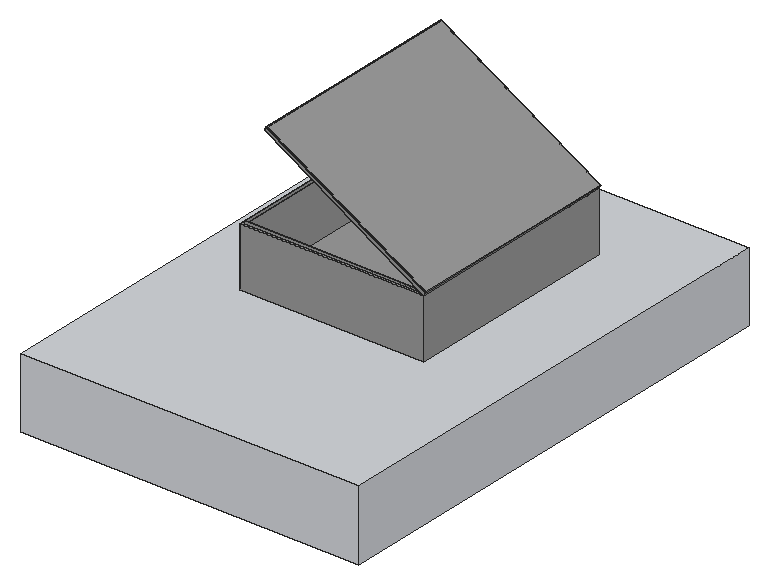
Revit family "Hager-Univers-IP55-D275-H950-Cl.II-Steel_encl-CH-de", category Equipement électrique, Revit 2020
Family settings
  Hôte = Face
  Configuration du panneau = Deux colonnes, circuits au sein
  Cote de connecteur circulaire = Utiliser le diamètre
  Type d'élément = Tableau de raccordement
  Couper avec des vides une fois chargée = Non
  Partagée = Non
  Point de calcul de pièce = Non
Parameters (values of type "Aufputz IP55 B800 H950 T275  - FR63S")
  Width Control [instance] = if([EF000008 - Breite] > Min Width, [EF000008 - Breite], Min Width)  # 800 mm
  Commentaires du type = [HG000003 - Bereich]  # "Univers"
  Thickness Door [instance] = if([EF009171 - Materialstärke Tür/Deckel] > 3 mm, 3 mm, [EF009171 - Materialstärke Tür/Deckel])  # 1.5 mm
  Seal Frame Offset [instance] = 17 mm  # constant formula
  Plinth Visibility [instance] = [HG000027 - Sockelhöhe] > 0 mm  # no
  Model = ""
  Min Width [instance] = 100 mm  # constant formula
  Min Height [instance] = 100 mm  # constant formula
  Min Depth [instance] = (2 * [EF009170 - Materialstärke Gehäuse]) + 1 mm  # 4 mm
  Internal Frame Depth [instance] = (Door System Depth * 0.5)  # 9 mm
  Height Control [instance] = if([EF000040 - Höhe] > Min Height, [EF000040 - Höhe], Min Height)  # 950 mm
  HG000027 - Sockelhöhe = 0 mm
  HG000026 - Stehend auf dem Boden = no
  HG000024 - Höhe des unteren Teils = 800 mm
  HG000023 - Gehäuse mit doppeltem Querschnitt = no
  HG000016 - 3D-Türsichtbarkeit [instance] = yes
  HG000015 - Sichtbarkeit der Türöffnung [instance] = no
  HG000014 - Tür rechts [instance] = yes
  HG000013 - Tür links [instance] = not([HG000014 - Tür rechts])  # no
  HG000012 - Türschwenkwinkel [instance] = 30.00°
  HG000010 - Asymmetrische Türen = no
  HG000009 - Doppelflügeligen Tür = no
  HG000006 - Unterputz = no
  HG000004 - Herstellerreferenz = "FR63S"
  HG000003 - Bereich = "Univers"
  HG000002 - Mit tür = yes
  Frame Offset Bottom [instance] = 10 mm  # constant formula
  Frame Offset [instance] = 15 mm  # constant formula
  EF015940 - Deckel mit Überdruckentlastung = no
  EF011959 - Schutzart (NEMA) = ""
  EF009554 - Anzahl der Öffnungen für Flanschplatten = 6
  Fabricant = "Hager"  # constant formula
  EF009212 - Ausführung Deckel = "EV000116 - geschlossen"
  EF009171 - Materialstärke Tür/Deckel = 1.5 mm
  EF009170 - Materialstärke Gehäuse = 1.5 mm
  EF008873 - Nennstrom (In) = 800 A
  EF007800 - Geeignet für Blitzschutz = no
  EF006306 - Mit Schloss = no
  EF006244 - Transparenter Deckel/Tür = no
  EF005474 - Schutzart (IP) = "EV006420 - IP55"
  EF004464 - Art der Tür = "EV002646 - Einzel"
  EF004427 - Anzahl der Module = 216
  EF004293 - Schlagfestigkeit = "EV008784 - IK10"
  EF003532 - Geeignet für Außengebrauch = no
  EF002950 - Breite in Teilungseinheiten = 24
  EF001613 - Funktionserhalt = "EV000494 - ohne"
  EF001596 - Werkstoff des Gehäuses = "EV000179 - Stahl"
  EF001131 - Innentiefe = 275 mm
  EF001088 - Anbaumöglichkeit = yes
  EF000437 - Anzahl der Leitungseinführungen = 6
  EF000339 - Art der Abdeckung = "EV004216 - Tür"
  EF000266 - Anzahl der Reihen = 6
  EF000218 - Einbautiefe = 0 mm
  EF000118 - Mit Montageplatte = no
  EF000116 - RAL-Nummer = "7035"
  EF000049 - Tiefe = 275 mm
  EF000040 - Höhe = 950 mm
  EF000008 - Breite = 800 mm
  EF000007 - Farbe = "EV000270 - grau"
  EF000003 - Montageart = "EV000384 - Aufputz"
  Door System Leaf Tolerance [instance] = 1.5 mm  # constant formula
  Door System Depth [instance] = 18 mm  # constant formula
  Door Height [instance] = Height Control - [HG000027 - Sockelhöhe]  # 950 mm
  Depth Control [instance] = if([EF000049 - Tiefe] > Min Depth, [EF000049 - Tiefe], Min Depth)  # 275 mm
  Default Elevation = 0 mm
  Connector Offset [instance] = Height Control / 2  # 475 mm
  Bottom Top Plate Trim [instance] = 1.5 mm  # constant formula
  Plinth height Ctrl [instance] = if([HG000027 - Sockelhöhe] > 0 mm, [HG000027 - Sockelhöhe], 12 mm)  # 12 mm
Types (5, lengths in mm): name | Width Control | HG000010 - Asymmetrische Türen | HG000009 - Doppelflügeligen Tür | HG000004 - Herstellerreferenz | EF009554 - Anzahl der Öffnungen für Flanschplatten | EF004464 - Art der Tür | EF004427 - Anzahl der Module | EF000437 - Anzahl der Leitungseinführungen | EF000008 - Breite
  Aufputz IP55 B1050 H950 T275  - FR64S | 1050 | no | yes | "FR64S" | 8 | "EV003602 - Doppel" | 288 | 8 | 1050
  Aufputz IP55 B1300 H950 T275  - FR65S | 1300 | yes | yes | "FR65S" | 10 | "EV003602 - Doppel" | 360 | 10 | 1300
  Aufputz IP55 B300 H950 T275  - FR61S | 300 | no | no | "FR61S" | 2 | "EV002646 - Einzel" | 72 | 2 | 300
  Aufputz IP55 B550 H950 T275  - FR62S | 550 | no | no | "FR62S" | 4 | "EV002646 - Einzel" | 144 | 4 | 550
  Aufputz IP55 B800 H950 T275  - FR63S | 800 | no | no | "FR63S" | 6 | "EV002646 - Einzel" | 216 | 6 | 800
Reference planes
  plane 1 "Center (Front/Back)": y = 0
  plane 2: z = 0
  plane 3 "Center (Left/Right)": x = 0
  plane 4: z = 275
  plane 5: y = 1.5
  plane 6: y = 475
  plane 7: y = 0
  plane 8: y = 950
  plane 9: z = 0
  plane 10: x = -385
  plane 11: x = 385
  plane 12: x = 383.5
  plane 13: x = -383.5
  plane 14: y = 948.5
  plane 15: x = -383
  plane 16: x = -400
  plane 17: x = 383
  plane 18: x = 400
  plane 19: x = 398.5
  plane 20: x = -398.5
  plane 21: y = 11.5
  plane 22: y = 950
  plane 23: y = 933.5
  plane 24: z = 257
  plane 25: z = 1.5
  plane 26: z = 255.5
  plane 27: z = 273.5
Forms (mm)
  Extrusion 1, solid
    sketch origin (0, 0, 0) x (1, 0, 0) y (0, 1, 0)
      loop
        line (-702.964, 1305) -> (-702.964, -811.445) -> (766.763, -811.445) -> (766.763, 1305) -> (-702.964, 1305)
    from 0 to -304.8
  Extrusion 2, solid, material "Hager_Steel_RAL7035_Light_Grey", visible <- "Plinth Visibility", detail levels medium+fine
    sketch origin (0, 0, 0) x (1, 0, 0) y (0, 1, 0)
      loop
        line (-400, 0) -> (400, 0) -> (400, 12) -> (-400, 12) -> (-400, 0)
    from 0 to 257
  Extrusion 3, solid, material "Hager_Steel_RAL7035_Light_Grey", detail levels medium+fine
    sketch origin (0, 0, 0) x (1, 0, 0) y (0, 1, 0)
      loop
        line (-400, 0) -> (400, 0) -> (400, 950) -> (-400, 950) -> (-400, 0)
    from 0 to 257
  Extrusion 4, void
    sketch origin (0, 0, 0) x (1, 0, 0) y (0, 1, 0)
      loop
        line (-398.5, 1.5) -> (398.5, 1.5) -> (398.5, 948.5) -> (-398.5, 948.5) -> (-398.5, 1.5)
    from 1.5 to 255.5
  Extrusion 5, void
    sketch origin (-381.607, -4572, 257) x (0, -1, 0) y (-1, 0, 0)
      loop
        line (-4583.5, 1.893) -> (-5505.5, 1.893) -> (-5505.5, -765.107) -> (-4583.5, -765.107) -> (-4583.5, 1.893)
    from 0 to 1.5 <- "EF009170 - Materialstärke Gehäuse"
  Extrusion 6, solid, material "Hager_Steel_RAL7035_Light_Grey", detail levels fine
    sketch origin (0, 0, 257) x (1, 0, 0) y (0, 1, 0)
      loop
        line (-383.5, 933.5) -> (-383.5, 11.5) -> (383.5, 11.5) -> (383.5, 933.5) -> (-383.5, 933.5)
      loop
        line (-385, 10) -> (385, 10) -> (385, 935) -> (-385, 935) -> (-385, 10)
    from 0 to 9 <- "Internal Frame Depth"
  Extrusion 7, solid, material "Hager_Steel_RAL7035_Light_Grey", detail levels coarse
    sketch origin (0, 0, 0) x (1, 0, 0) y (0, 1, 0)
      loop
        line (-400, 0) -> (400, 0) -> (400, 950) -> (-400, 950) -> (-400, 0)
    from 0 to 275
  Sweep 8, void
    path in 3D
      loop
        line (-400, 12, 0) -> (400, 12, 0) -> (400, 12, 257) -> (-400, 12, 257) -> (-400, 12, 0)
    profile origin (-400, 12, 128.5) x (-1, 0, 0) y (0, -1, 0)
      loop
        line (0, 0) -> (0, 1.5) -> (-1.5, 1.5)
        arc (-1.5, 1.5) -> (-1.061, 0.439) -> (0, 0) r 1.5
Cuts and joins
  Extrusion 4, Extrusion 5 cuts Extrusion 3
  Sweep 8 cuts Extrusion 2
Lines and regions (mm)
  Masking region 1
    outline origin (0, 0, 0) x (1, 0, 0) y (0, 0, 1)
      loop
        line (-400, 275) -> (-400, 0) -> (400, 0) -> (400, 275) -> (-400, 275)
  Masking region 2, detail levels medium+fine
    outline origin (0, 140, 0) x (0, 1, 0) y (0, 0, 1)
      loop
        line (-140, 0) -> (810, 0) -> (810, 257) -> (-140, 257) -> (-140, 0)
  Masking region 3, not visible, detail levels medium+fine
    outline origin (0, 297.922, 0) x (0, 1, 0) y (0, 0, 1)
      loop
        line (188.578, 0) -> (228.578, 0) -> (228.578, 263.5)
        arc (228.578, 263.5) -> (225.649, 270.571) -> (218.578, 273.5) r 10
        line (218.578, 273.5) -> (188.578, 273.5) -> (188.578, 0)
  Masking region 4, detail levels coarse
    outline origin (0, 0, 180) x (0, 1, 0) y (0, 0, 1)
      loop
        line (0, -180) -> (950, -180) -> (950, 95) -> (0, 95) -> (0, -180)
  Masking region 5, visible <- "Plinth Visibility", detail levels medium+fine
    outline origin (0, 52.24, 12.345) x (0, 0, -1) y (0, 1, 0)
      loop
        line (10.845, -40.24) -> (-243.155, -40.24)
        arc (-243.155, -40.24) -> (-243.594, -41.301) -> (-244.655, -41.74) r 1.5
        line (-244.655, -41.74) -> (-244.655, -52.24) -> (12.345, -52.24) -> (12.345, -41.74)
        arc (12.345, -41.74) -> (11.285, -41.301) -> (10.845, -40.24) r 1.5
  Masking region 6, detail levels medium+fine
    outline origin (-381.607, -4572, 257) x (-1, 0, 0) y (0, -1, 0)
      loop
        line (18.393, -5522) -> (18.393, -4572) -> (-781.607, -4572) -> (-781.607, -5522) -> (18.393, -5522)
  Masking region 7, visible <- "Plinth Visibility", detail levels medium+fine
    outline origin (-381.607, -4727, 257) x (-1, 0, 0) y (0, -1, 0)
      loop
        arc (16.893, -4739) -> (17.332, -4737.939) -> (18.393, -4737.5) r 1.5
        line (18.393, -4737.5) -> (18.393, -4727) -> (-781.607, -4727) -> (-781.607, -4737.5)
        arc (-781.607, -4737.5) -> (-780.546, -4737.939) -> (-780.107, -4739) r 1.5
        line (-780.107, -4739) -> (16.893, -4739)
  Masking region 8, detail levels coarse
    outline origin (-442.548, -4669.526, 257) x (-1, 0, 0) y (0, -1, 0)
      loop
        line (-42.548, -5619.526) -> (-42.548, -4669.526) -> (-842.548, -4669.526) -> (-842.548, -5619.526) -> (-42.548, -5619.526)
  sketch lines
    curve 1: line (-400, 12, 257) -> (-400, 12, 0)
    curve 2: line (400, 12, 257) -> (-400, 12, 257)
    curve 3: line (400, 12, 257) -> (400, 12, 0)
    curve 4: line (-400, 12, 0) -> (400, 12, 0)
Dimensions and locks
  "Depth Control": plane 4 to Extrusion 1
  "HG000027 - Sockelhöhe": plane 1 "Center (Front/Back)" to plane 7
  "EF009170 - Materialstärke Gehäuse": plane 5 to plane 7
  locked: connector elem to plane 3 "Center (Left/Right)"
  equal spacing: plane 8, plane 6, plane 7
  locked: connector elem to plane 6
  "EF009170 - Materialstärke Gehäuse": plane 8 to plane 14
  "EF009170 - Materialstärke Gehäuse": plane 10 to plane 13
  "EF009170 - Materialstärke Gehäuse": plane 12 to plane 11
  "Frame Offset": plane 20 to plane 13
  "Frame Offset": plane 12 to plane 19
  "EF009170 - Materialstärke Gehäuse": plane 16 to plane 20
  "EF009170 - Materialstärke Gehäuse": plane 19 to plane 18
  "Seal Frame Offset": plane 16 to plane 15
  "Seal Frame Offset": plane 17 to plane 18
  "Frame Offset Bottom": plane 21 to plane 5
  "Frame Offset": plane 14 to plane 23
  equal spacing: plane 16, plane 3 "Center (Left/Right)", plane 18
  "Width Control": plane 16 to plane 18
  "EF009170 - Materialstärke Gehäuse": plane 4 to plane 27
  "EF009170 - Materialstärke Gehäuse": plane 24 to plane 26
  "EF009170 - Materialstärke Gehäuse": plane 25 to level
  "Door System Depth": plane 4 to plane 24
  "Height Control": plane 1 "Center (Front/Back)" to Extrusion 7 sketch curve
  "Height Control": Masking region 4 sketch curve to plane 1 "Center (Front/Back)"
  "Height Control": plane 1 "Center (Front/Back)" to plane 22
  "Bottom Top Plate Trim": profile plane to Sweep 8 sketch curve
  "Bottom Top Plate Trim": Sweep 8 sketch curve to profile plane
  "Plinth height Ctrl": plane 1 "Center (Front/Back)" to Extrusion 2 sketch curve
  "Plinth height Ctrl": Masking region 5 sketch curve to plane 1 "Center (Front/Back)"
  "Plinth height Ctrl": plane 1 "Center (Front/Back)" to Masking region 7 sketch curve
  "Thickness Door": Extrusion 6 sketch curve to Extrusion 6 sketch curve  (x3)
  "Thickness Door": cut or joined group of Extrusion 3, Extrusion 4, Extrusion 5 to Extrusion 6 sketch curve
  radius of Masking region 3 sketch curve = 10 mm
  "Bottom Top Plate Trim": radius of Masking region 5 sketch curve  (x2)
  "Bottom Top Plate Trim": radius of Sweep 8 sketch curve
  "Bottom Top Plate Trim": radius of Masking region 7 sketch curve  (x2)
  aligned and locked: plane 2 to Extrusion 1
  aligned and locked: level to Extrusion 1
  aligned and locked: level to Masking region 1 sketch curve
  aligned and locked: Masking region 1 sketch curve to plane 18
  aligned and locked: Masking region 1 sketch curve to plane 16
  aligned and locked: plane 7 to Masking region 2 sketch curve
  aligned and locked: level to Masking region 3 sketch curve
  aligned and locked: Masking region 3 sketch curve to plane 27
  aligned and locked: level to Masking region 2 sketch curve
  aligned and locked: plane 1 "Center (Front/Back)" to Extrusion 2 sketch curve
  aligned and locked: Extrusion 3 sketch curve to plane 7
  aligned and locked: plane 16 to Extrusion 3 sketch curve
  aligned and locked: plane 18 to Extrusion 3 sketch curve
  aligned and locked: plane 20 to Extrusion 4 sketch curve
  aligned and locked: plane 19 to Extrusion 4 sketch curve
  aligned and locked: Extrusion 4 sketch curve to plane 5
  aligned and locked: Extrusion 4 to plane 25
  aligned and locked: plane 26 to Extrusion 4
  aligned and locked: plane 24 to Extrusion 3
  aligned and locked: Extrusion 5 sketch curve to plane 21
  aligned and locked: Extrusion 5 sketch curve to plane 13
  aligned and locked: Extrusion 5 sketch curve to plane 12
  aligned and locked: plane 18 to Extrusion 7 sketch curve
  aligned and locked: plane 1 "Center (Front/Back)" to Extrusion 7 sketch curve
  aligned and locked: plane 16 to Extrusion 7 sketch curve
  aligned and locked: plane 4 to Extrusion 7
  aligned and locked: Extrusion 7 to level
  aligned and locked: level to Masking region 4 sketch curve
  aligned and locked: Masking region 4 sketch curve to plane 1 "Center (Front/Back)"
  aligned and locked: Masking region 4 sketch curve to plane 4
  aligned and locked: nested 1 to level
  aligned and locked: nested 1 to plane 16
  aligned and locked: plane 8 to Extrusion 3 sketch curve
  aligned and locked: plane 23 to Extrusion 5 sketch curve
  aligned and locked: plane 14 to Extrusion 4 sketch curve
  aligned and locked: Masking region 2 sketch curve to plane 8
  aligned and locked: level to Masking region 5 sketch curve
  aligned and locked: plane 16 to Extrusion 2 sketch curve
  aligned and locked: plane 18 to Extrusion 2 sketch curve
  aligned and locked: Masking region 5 sketch curve to plane 24
  aligned and locked: Masking region 2 sketch curve to plane 24
  aligned and locked: plane 24 to Extrusion 2
  aligned and locked: profile plane to Sweep 8 sketch curve  (x2)
  aligned and locked: Masking region 6 sketch curve to plane 18
  aligned and locked: Masking region 6 sketch curve to plane 22
  aligned and locked: Masking region 6 sketch curve to plane 16
  aligned and locked: plane 8 to plane 22
  aligned and locked: Masking region 6 sketch curve to plane 7
  aligned and locked: Masking region 7 sketch curve to plane 16
  aligned and locked: Masking region 7 sketch curve to plane 1 "Center (Front/Back)"
  aligned and locked: Masking region 7 sketch curve to plane 18
  aligned and locked: Masking region 8 sketch curve to plane 1 "Center (Front/Back)"
  aligned and locked: Masking region 8 sketch curve to plane 18
  aligned and locked: Masking region 8 sketch curve to plane 22
  aligned and locked: Masking region 8 sketch curve to plane 16
  aligned and locked: nested 2 to plane 7
  aligned and locked: plane 3 "Center (Left/Right)" to nested 2
  aligned and locked: nested 2 to plane 24
  aligned and locked: Extrusion 6 sketch curve to cut or joined group of Extrusion 3, Extrusion 4, Extrusion 5  (x4)
Automatic sketch dimensions
  Extrusion 1 sketch curve to Extrusion 1 sketch curve = 1469.727 mm
  Extrusion 1 sketch curve to Extrusion 1 sketch curve = 2116.445 mm
  Masking region 1 sketch curve to plane 4 = 0 mm
  plane 6 to Masking region 3 sketch curve = 11.5 mm
  Masking region 3 sketch curve to Masking region 3 sketch curve = 30 mm
  Masking region 5 sketch curve to plane 1 "Center (Front/Back)" = 0 mm
Nested families
  nested 1: "Hager_Enclosure_Symbol" at (-400, 0, 0) x (1, 0, 0) z (0, -1, 0), Height <- "Depth Control", Width <- "Width Control", type "Hager_Enclosure_Symbol"
    with Width_Ctrl 800 mm, Width 800 mm, Height_Ctrl 275 mm, Height 275 mm, A_Width_Int 18.047 mm, A_Width 216.562 mm, A_Height_Ctrl 240.625 mm, A_Height 240.625 mm
  nested 2: "EC000058_Univers_Door" at (0, 0, 257) x (1, 0, 0) z (0, 1, 0), Leaf_Tolerance <- "Door System Leaf Tolerance", Angle <- "HG000012 - Türschwenkwinkel", Door_Depth <- "Door System Depth", Door_Left <- "HG000013 - Tür links", Transparent <- "EF006244 - Transparenter Deckel/Tür", Assymetrical <- "HG000010 - Asymmetrische Türen", Width <- "Width Control", Clearance <- "HG000015 - Sichtbarkeit der Türöffnung", Double <- "HG000009 - Doppelflügeligen Tür", 3d_Door <- "HG000016 - 3D-Türsichtbarkeit", Lock_Visibility <- "EF006306 - Mit Schloss", Width_Ctrl <- "Width Control", Door_Right <- "HG000014 - Tür rechts", Door <- "HG000002 - Mit tür", Height <- "Door Height", Thickness <- "Thickness Door", type "EC000058_Univers_Door", detail levels medium+fine
    with min_wh 4 mm, Width_Ctrl 800 mm, Width 800 mm, Transparent no, Thickness 1.5 mm, Seal_Material Hager_Rubber, Lock_Visibility no, Lock_Material Hager_Plastic_RAL9005_Jet_Black, Leaf_Width 800 mm, Leaf_Tolerance_External_Sides 0 mm, Leaf_Tolerance 1.5 mm, Leaf_Offset 0 mm, Leaf_Height 947 mm, Leaf_2_Width 800 mm, Leaf_2_Offset 400 mm, Leaf_1_Width 800 mm, Leaf_1_Offset 400 mm, Height_Ctrl 950 mm, Height 950 mm, Glass_Material Hager_Glass, Double_Clearance_Ctrl no, Double no, Door_Right_Ctrl yes, Door_Right yes, Door_Material Hager_Steel_RAL7035_Light_Grey, Door_Left_Ctrl no, Door_Left no, Door_Depth 18 mm, Door yes, Clearance_Material Hager_Clearance, Clearance_Depth 800 mm, Clearance_Ctrl no, Clearance no, Assymetrical no, Angle 30.00°, 3d_Door yes
Connectors
  electrical at (0, 475, 0)
    settings: on plane 9, index 1, voltage 0 V, apparent load 0 VA, apparent load phase1 0 VA, apparent load phase2 0 VA, apparent load phase3 0 VA, power factor 1, load classification "Other", number of poles 1, system type 30, power factor state 1, is connector primary yes, connector utility no, sub classification motor no, connector description ""
Definition of nested family "EC000058_Univers_Door"
  Parameters (values of type "EC000058_Univers_Door")
    min_wh [instance] = (2 * Thickness) + 1 mm  # 11 mm
    Width_Ctrl [instance] = 400 mm
    Width [instance] = 500 mm
    Transparent [instance] = yes
    Thickness [instance] = 5 mm
    Seal_Material [instance] = none
    Lock_Visibility [instance] = yes
    Lock_Material [instance] = none
    Leaf_Width [instance] = if((Width_Ctrl - 2 * Leaf_Tolerance_External_Sides) > 0 mm, (Width_Ctrl - 2 * Leaf_Tolerance_External_Sides), min_wh)  # 400 mm
    Leaf_Tolerance_External_Sides [instance] = 0 mm  # constant formula
    Leaf_Tolerance [instance] = 1.5 mm
    Leaf_Offset [instance] = 0 mm  # constant formula
    Leaf_Height [instance] = if((Height_Ctrl - 2 * Leaf_Tolerance) > 0 mm, (Height_Ctrl - 2 * Leaf_Tolerance), min_wh)  # 497 mm
    Leaf_2_Width [instance] = if(and(and(Double, Assymetrical), Door_Left), (Leaf_Width / 3) - (Leaf_Tolerance / 2), if(and(and(Double, Assymetrical), Door_Right), (Leaf_Width / 3) * 2 - (Leaf_Tolerance / 2), if(and(Double, not(Assymetrical)), (Leaf_Width / 2) - Leaf_Tolerance, Leaf_Width)))  # 400 mm
    Leaf_2_Offset [instance] = if(and(Double, Assymetrical), Leaf_2_Width / 2, if(and(Double, not(Assymetrical)), Leaf_Width / 4, Leaf_Width / 2))  # 200 mm
    Leaf_1_Width [instance] = if(and(and(Double, Assymetrical), Door_Right), (Leaf_Width / 3) - (Leaf_Tolerance / 2), if(and(and(Double, Assymetrical), Door_Left), (Width / 3) * 2 - (Leaf_Tolerance / 2), if(and(Double, not(Assymetrical)), (Leaf_Width / 2) - Leaf_Tolerance, Leaf_Width)))  # 400 mm
    Leaf_1_Offset [instance] = if(and(Double, Assymetrical), Leaf_1_Width / 2, if(and(Double, not(Assymetrical)), Leaf_Width / 4, Leaf_Width / 2))  # 200 mm
    Height_Ctrl [instance] = if(Height > min_wh, Height, min_wh)  # 500 mm
    Height [instance] = 500 mm
    Glass_Material [instance] = none
    Double_Clearance_Ctrl [instance] = and(Double, Clearance)  # no
    Double [instance] = no
    Door_Right_Ctrl [instance] = and(or(Door_Right, Double), Door)  # yes
    Door_Right [instance] = yes
    Door_Material [instance] = none
    Door_Left_Ctrl [instance] = and(or(Door_Left, Double), Door)  # no
    Door_Left [instance] = no
    Door_Depth [instance] = 30 mm
    Door [instance] = yes
    Default Elevation = 1219.2 mm
    Clearance_Material [instance] = none
    Clearance_Depth [instance] = if(Leaf_1_Width > Leaf_2_Width, Leaf_1_Width, Leaf_2_Width)  # 400 mm
    Clearance_Ctrl [instance] = and(not(Double), Clearance)  # yes
    Clearance [instance] = yes
    Assymetrical [instance] = yes
    Angle [instance] = 30.00°
    3d_Door [instance] = yes
  Reference planes
    plane 1 "Center (Front/Back)": y = 0
    plane 2 "Bottom": z = 0
    plane 3 "Center (Left/Right)": x = 0
    plane 4: z = 500
    plane 5: x = -200
    plane 6: x = 200
    plane 7: z = 500
    plane 8: x = -200
    plane 9: z = 0
    plane 10: x = 200
    plane 11: y = 0
    plane 12: z = 1.5
    plane 13: x = -600
    plane 14: y = -400
    plane 15: x = 600
    plane 16: x = 0
    plane 17: x = 0
    plane 18: x = -200
    plane 19: x = 200
    plane 20: z = 498.5
  Forms (mm)
    Extrusion 1, solid, material <- "Clearance_Material", visible <- "Double_Clearance_Ctrl"
      sketch origin (1200, 0, 0) x (1, 0, 0) y (0, 0, -1)
        loop
          line (-1800, -498.5) -> (-600, -498.5) -> (-600, 0) -> (-1800, 0) -> (-1800, -498.5)
      from 0 to -400
  Dimensions and locks
    equal spacing: plane 5, plane 3 "Center (Left/Right)", plane 6
    "Width_Ctrl": plane 5 to plane 6
    "Leaf_Offset": plane 5 to plane 8
    "Leaf_Offset": plane 6 to plane 10
    "Leaf_Offset": plane 9 to level
    "Leaf_Offset": plane 4 to plane 7
    "Height_Ctrl": plane 4 to level
    "Leaf_Tolerance": plane 12 to plane 9
    locked: plane 11 to plane 1 "Center (Front/Back)"
    "Leaf_1_Offset": plane 18 to plane 16
    "Leaf_2_Offset": plane 17 to plane 19
    "Leaf_1_Width": plane 13 to plane 8
    "Leaf_2_Width": plane 10 to plane 15
    "Clearance_Depth": plane 14 to plane 1 "Center (Front/Back)"
    "Leaf_Tolerance_External_Sides": plane 8 to plane 18
    "Leaf_Tolerance_External_Sides": plane 19 to plane 10
    "Leaf_Tolerance": plane 7 to plane 20
    aligned and locked: level to plane 2 "Bottom"
    aligned and locked: nested 1 to plane 16
    aligned and locked: nested 2 to plane 17
    aligned and locked: Extrusion 1 to plane 13
    aligned and locked: plane 15 to Extrusion 1
    aligned and locked: Extrusion 1 to plane 14
    aligned and locked: plane 12 to nested 1
    aligned and locked: nested 2 to plane 12
    aligned and locked: Extrusion 1 to plane 11
    aligned and locked: plane 20 to Extrusion 1
    aligned and locked: nested 2 to plane 11
    aligned and locked: nested 1 to plane 11
  Automatic sketch dimensions
    Extrusion 1 sketch curve to level = 0 mm
    plane 5 to Extrusion 1 sketch curve = 400 mm
    plane 6 to Extrusion 1 sketch curve = 400 mm
    Extrusion 1 sketch curve to plane 4 = 1.5 mm
  Nested families
    nested 1: "EC000058_Univers_Door_Leaf" at (0, 0, 1.5), Width <- "Leaf_1_Width", visible <- "Door_Left_Ctrl", Leaf_Height <- "Leaf_Height", Angle <- "Angle", 3d_Door <- "3d_Door", Transparent <- "Transparent", Clearance Material <- "Clearance_Material", Clearance <- "Clearance_Ctrl", Door_Material <- "Door_Material", Glass_Material <- "Glass_Material", Door_Depth <- "Door_Depth", Lock_Material <- "Lock_Material", Seal_Material <- "Seal_Material", Lock_Visibility <- "Lock_Visibility", Thickness <- "Thickness", type "EC000058_Univers_Door_Leaf"
      with Width 400 mm, Transparent_Glass_Offset 30 mm, Transparent_Ctrl yes, Transparent yes, Thickness 5 mm, Standard no, Seal_Material none, Seal_D2 8 mm, Seal_D1 1 mm, Offset_Internal_Frame 10 mm, Lock_Width 20 mm, Lock_Visibility_3d yes, Lock_Visibility yes, Lock_Thickness_3 3 mm, Lock_Thickness_2 1 mm, Lock_Thickness_1 3 mm, Lock_Radius_Offset_2 16 mm, Lock_Radius_Offset_1 15 mm, Lock_Radius_2 5 mm, Lock_Radius 6 mm, Lock_Offset 5 mm, Lock_Material none, Lock_Height 80 mm, Lock_Cover_Top_Offset_2d 17 mm, Lock_Cover_Height -65 mm, Leaf_Height 497 mm, Internal_Seal_Thickness 8 mm, Internal_Seal_Depth_2 4.5 mm, Internal_Frame_Depth 25 mm, Glass_Thickness -1 mm, Glass_Offset -2 mm, Glass_Material none, Door_Material none, Door_Depth 30 mm, Clearance Material none, Clearance yes, Angle_Ctrl 30.00°, Angle 30.00°, 3d_Door yes
    nested 2: "EC000058_Univers_Door_Leaf" at (0, 0, 1.5) x (-1, 0, 0) z (0, 0, 1), Width <- "Leaf_2_Width", visible <- "Door_Right_Ctrl", Leaf_Height <- "Leaf_Height", Angle <- "Angle", 3d_Door <- "3d_Door", Transparent <- "Transparent", Clearance Material <- "Clearance_Material", Clearance <- "Clearance_Ctrl", Door_Material <- "Door_Material", Glass_Material <- "Glass_Material", Door_Depth <- "Door_Depth", Lock_Material <- "Lock_Material", Seal_Material <- "Seal_Material", Lock_Visibility <- "Lock_Visibility", Thickness <- "Thickness", type "EC000058_Univers_Door_Leaf"
      with Width 400 mm, Transparent_Glass_Offset 30 mm, Transparent_Ctrl yes, Transparent yes, Thickness 5 mm, Standard no, Seal_Material none, Seal_D2 8 mm, Seal_D1 1 mm, Offset_Internal_Frame 10 mm, Lock_Width 20 mm, Lock_Visibility_3d yes, Lock_Visibility yes, Lock_Thickness_3 3 mm, Lock_Thickness_2 1 mm, Lock_Thickness_1 3 mm, Lock_Radius_Offset_2 16 mm, Lock_Radius_Offset_1 15 mm, Lock_Radius_2 5 mm, Lock_Radius 6 mm, Lock_Offset 5 mm, Lock_Material none, Lock_Height 80 mm, Lock_Cover_Top_Offset_2d 17 mm, Lock_Cover_Height -65 mm, Leaf_Height 497 mm, Internal_Seal_Thickness 8 mm, Internal_Seal_Depth_2 4.5 mm, Internal_Frame_Depth 25 mm, Glass_Thickness -1 mm, Glass_Offset -2 mm, Glass_Material none, Door_Material none, Door_Depth 30 mm, Clearance Material none, Clearance yes, Angle_Ctrl 30.00°, Angle 30.00°, 3d_Door yes
  Definition of nested family "EC000058_Univers_Door_Leaf"
    Parameters (values of type "EC000058_Univers_Door_Leaf")
      Width [instance] = 2000 mm
      Transparent_Glass_Offset [instance] = 30 mm
      Transparent_Ctrl [instance] = and(Transparent, [3d_Door])  # yes
      Transparent [instance] = yes
      Thickness [instance] = 5 mm
      Standard [instance] = and(not(Transparent), [3d_Door])  # no
      Seal_Material [instance] = none
      Seal_D2 [instance] = 8 mm  # constant formula
      Seal_D1 [instance] = 1 mm  # constant formula
      Offset_Internal_Frame [instance] = 10 mm  # constant formula
      Lock_Width [instance] = 20 mm  # constant formula
      Lock_Visibility_3d [instance] = and(Lock_Visibility, [3d_Door])  # yes
      Lock_Visibility [instance] = yes
      Lock_Thickness_3 [instance] = 3 mm  # constant formula
      Lock_Thickness_2 [instance] = 1 mm  # constant formula
      Lock_Thickness_1 [instance] = 3 mm  # constant formula
      Lock_Radius_Offset_2 [instance] = Lock_Radius_Offset_1 + 1 mm  # 16 mm
      Lock_Radius_Offset_1 [instance] = 15 mm  # constant formula
      Lock_Radius_2 [instance] = Lock_Radius - 1 mm  # 5 mm
      Lock_Radius [instance] = 6 mm  # constant formula
      Lock_Offset [instance] = 5 mm  # constant formula
      Lock_Material [instance] = none
      Lock_Height [instance] = 80 mm  # constant formula
      Lock_Cover_Top_Offset_2d [instance] = Lock_Radius_Offset_2 + 1 mm  # 17 mm
      Lock_Cover_Height [instance] = -(Lock_Height - Lock_Radius_Offset_1)  # -65 mm
      Leaf_Height [instance] = 2720.336 mm
      Internal_Seal_Thickness [instance] = 8 mm  # constant formula
      Internal_Seal_Depth_2 [instance] = 4.5 mm  # constant formula
      Internal_Frame_Depth [instance] = if(Door_Depth - Thickness > 5 mm, Door_Depth - Thickness, 5 mm)  # 25 mm
      Glass_Thickness [instance] = if(Thickness > 15 mm, Glass_Offset + 10 mm, -1 mm)  # -1 mm
      Glass_Offset [instance] = if(Thickness > 15 mm, -(Thickness + 10 mm) / 2, -2 mm)  # -2 mm
      Glass_Material [instance] = none
      Door_Material [instance] = none
      Door_Depth [instance] = 30 mm
      Default Elevation = 0 mm
      Clearance Material [instance] = none
      Clearance [instance] = yes
      Angle_Ctrl [instance] = if(Angle > 180.00°, 180.00°, Angle)  # 90.00°
      Angle [instance] = 90.00°
      3d_Door [instance] = yes
    Reference planes
      plane 1 "Center (Front/Back)": y = 0
      plane 2: z = 0
      plane 3 "Center (Left/Right)": x = 0
      plane 4: y = 2000
      plane 5: x = -1000
      plane 6: x = 1000
      plane 7: x = -3000
      plane 8: z = 2720.336
      plane 9: z = 30
      plane 10: z = 2690.336
      plane 11: x = 970
      plane 12: x = -970
      plane 13: y = -3
      plane 14: z = 107.833
      plane 15: y = -5
      plane 16: y = -223.314
      plane 17: x = -1000
      plane 18: z = 1360.168
      plane 19: y = 30
    Forms (mm)
      Extrusion 1, solid, material <- "Clearance Material", visible <- "Clearance"
        sketch origin (0, 0, 0) x (1, 0, 0) y (0, 0, 1)
          loop
            line (-3000, 2720.336) -> (-3000, 0) -> (1000, 0) -> (1000, 2720.336) -> (-3000, 2720.336)
        from 0 to -2000
      Extrusion 2, solid, material <- "Door_Material", visible <- "Standard", detail levels medium+fine
        sketch origin (-1000, 0, 0) x (0, 1, 0) y (-1, 0, 0)
          loop
            line (0, 30) -> (0, 25) -> (2000, 25) -> (2000, 30) -> (0, 30)
        from 0 to 2720.336 <- "Leaf_Height"
      Extrusion 3, solid, material <- "Door_Material", visible <- "Transparent_Ctrl", detail levels medium+fine
        sketch origin (-1000, 0, 0) x (0, 1, 0) y (-1, 0, 0)
          loop
            line (0, 25) -> (2000, 25) -> (2000, 30) -> (0, 30) -> (0, 25)
        from 0 to 2720.336 <- "Leaf_Height"
      Extrusion 4, void
        sketch origin (-1025, 2000, 0) x (0, 1, 0) y (0, 0, -1)
          loop
            line (-30, -2690.336) -> (-30, -30) -> (-1970, -30) -> (-1970, -2690.336) -> (-30, -2690.336)
        from 0 to 5 <- "Thickness"
      Sweep 5, solid, material <- "Seal_Material", visible <- "Transparent_Ctrl", detail levels fine
        path in 3D
          loop
            line (-1025, 30, 30) -> (-1025, 30, 2690.336) -> (-1025, 1970, 2690.336) -> (-1025, 1970, 30) -> (-1025, 30, 30)
        profile origin (-1025, 1000, 30) x (1, 0, 0) y (0, 0, 1)
          loop
            line (0, 0) -> (0, -8) -> (1, -8) -> (1, 0) -> (0, 0)
      Extrusion 6, solid, material <- "Glass_Material", visible <- "Transparent_Ctrl", detail levels medium+fine
        sketch origin (-1030, 0, 0) x (0, 1, 0) y (0, 0, -1)
          loop
            line (1970, -2690.336) -> (1970, -30) -> (30, -30) -> (30, -2690.336) -> (1970, -2690.336)
        from -2 <- "Glass_Offset" to -1 <- "Glass_Thickness"
      Extrusion 7, solid, material <- "Door_Material", visible <- "3d_Door", detail levels medium+fine
        sketch origin (-1025, 2000, 0) x (0, -1, 0) y (0, 0, -1)
          loop
            line (0, -2720.336) -> (2000, -2720.336) -> (2000, 0) -> (0, 0) -> (0, -2720.336)
          loop
            line (1995, -5) -> (5, -5) -> (5, -2715.336) -> (1995, -2715.336) -> (1995, -5)
        from 0 to 25 <- "Internal_Frame_Depth"
      Sweep 8, solid, material <- "Seal_Material", visible <- "Transparent_Ctrl", detail levels fine
        path in 3D
          loop
            line (-1025, 0, 0) -> (-1025, 2000, 0) -> (-1025, 2000, 2720.336) -> (-1025, 0, 2720.336) -> (-1025, 0, 0)
        profile origin (-1025, 0, 1360.168) x (1, 0, 0) y (0, 1, 0)
          loop
            line (0, 10) -> (2.975, 10)
            arc (2.975, 10) -> (4.053, 10.447) -> (4.5, 11.525) r 1.525
            line (4.5, 11.525) -> (4.5, 16.527)
            arc (4.5, 16.527) -> (4.069, 17.569) -> (3.027, 18) r 1.473
            line (3.027, 18) -> (0, 18) -> (0, 10)
      Extrusion 9, solid, material <- "Lock_Material", visible <- "Lock_Visibility_3d", detail levels fine
        sketch origin (-1030, 0, 0) x (0, 1, 0) y (0, 0, -1)
          loop
            arc (1993.5, -1400.168) -> (1994.561, -1399.729) -> (1995, -1398.668) r 1.5
            line (1995, -1398.668) -> (1995, -1320.168) -> (1975, -1320.168) -> (1975, -1398.668)
            arc (1975, -1398.668) -> (1975.439, -1399.729) -> (1976.5, -1400.168) r 1.5
            line (1976.5, -1400.168) -> (1993.5, -1400.168)
        from 3 <- "Lock_Thickness_1" to 0
      Blend 10, solid, material <- "Lock_Material", visible <- "Lock_Visibility_3d", detail levels fine
        base sketch origin (-1033, 0, 0) x (0, 1, 0) y (0, 0, -1)
          loop
            line (1975, -1320.168) -> (1975, -1398.668)
            arc (1975, -1398.668) -> (1975.439, -1399.729) -> (1976.5, -1400.168) r 1.5
            line (1976.5, -1400.168) -> (1993.5, -1400.168)
            arc (1993.5, -1400.168) -> (1994.561, -1399.729) -> (1995, -1398.668) r 1.5
            line (1995, -1398.668) -> (1995, -1320.168) -> (1975, -1320.168)
        top sketch origin (-1033, 0, 0) x (0, 1, 0) y (0, 0, -1)
          loop
            line (1976, -1320.168) -> (1976, -1398.668)
            arc (1976, -1398.668) -> (1976.146, -1399.022) -> (1976.5, -1399.168) r 0.5
            line (1976.5, -1399.168) -> (1993.5, -1399.168)
            arc (1993.5, -1399.168) -> (1993.854, -1399.022) -> (1994, -1398.668) r 0.5
            line (1994, -1398.668) -> (1994, -1320.168) -> (1976, -1320.168)
        from 0 to 1 <- "Lock_Thickness_2"
      Blend 11, solid, material <- "Lock_Material", visible <- "Lock_Visibility_3d", detail levels fine
        base sketch origin (-1034, 0, 0) x (0, 1, 0) y (0, 0, -1)
          loop
            line (1978, -1320.168) -> (1978, -1384.168)
            arc (1978, -1384.168) -> (1985, -1391.168) -> (1992, -1384.168) r 7
            line (1992, -1384.168) -> (1992, -1320.168) -> (1978, -1320.168)
        top sketch origin (-1034, 0, 0) x (0, 1, 0) y (0, 0, -1)
          loop
            line (1991, -1320.168) -> (1979, -1320.168) -> (1979, -1383.168)
            arc (1979, -1383.168) -> (1985, -1389.168) -> (1991, -1383.168) r 6
            line (1991, -1383.168) -> (1991, -1320.168)
        from 0 to 3 <- "Lock_Thickness_3"
      Extrusion 12, solid, material <- "Lock_Material", visible <- "Lock_Visibility_3d", detail levels fine
        sketch origin (-1030, 1975, 1320.168) x (1, 0, 0) y (0, -1, 0)
          loop
            line (-7, -19) -> (-7, -1) -> (0, -1) -> (0, 0) -> (-8, 0) -> (-8, -20) -> (0, -20) -> (0, -19) -> (-7, -19)
        from 0 to -65 <- "Lock_Cover_Height"
      Extrusion 13, void
        sketch origin (-1038, 1995, 1320.168) x (-1, 0, 0) y (0, 0, -1)
          loop
            line (-5, -65) -> (0, -65) -> (-5, -60) -> (-5, -65)
        from 0 to 20 <- "Lock_Width"
      Extrusion 14, void
        sketch origin (-1038, 1975, 1320.168) x (0, -1, 0) y (0, 0, -1)
          loop
            circle (-10, -15.995) r 6
          loop
            circle (-10, -15.995) r 5
        from 0 to 2
      Extrusion 15, solid, material <- "Lock_Material", visible <- "Lock_Visibility_3d", detail levels medium
        sketch origin (-1030, 0, 0) x (0, 1, 0) y (0, 0, -1)
          loop
            arc (1993.5, -1400.168) -> (1994.561, -1399.729) -> (1995, -1398.668) r 1.5
            line (1995, -1398.668) -> (1995, -1320.168) -> (1975, -1320.168) -> (1975, -1398.668)
            arc (1975, -1398.668) -> (1975.439, -1399.729) -> (1976.5, -1400.168) r 1.5
            line (1976.5, -1400.168) -> (1993.5, -1400.168)
        from 8 to 0
    Cuts and joins
      Extrusion 4 cuts Extrusion 3
      Extrusion 13, Extrusion 14 cuts Extrusion 9
      Extrusion 14 cuts Blend 11
      Extrusion 13, Extrusion 14 cuts Extrusion 12
      joined: Extrusion 9, Blend 10, Blend 11, Extrusion 12
      Extrusion 14 cuts Extrusion 15
    Lines and regions (mm)
      Masking region 1, visible <- "Lock_Visibility", detail levels fine
        outline origin (0, 0, 0) x (0, 1, 0) y (0, 0, 1)
          loop
            line (30, 1320.168) -> (33, 1320.168) -> (33, 1400.168) -> (30, 1400.168) -> (30, 1320.168)
      Masking region 2, visible <- "Lock_Visibility", detail levels fine
        outline origin (0, 3.143, 0) x (0, 1, 0) y (0, 0, 1)
          loop
            line (29.857, 1354.168) -> (30.857, 1354.168) -> (30.857, 1366.168) -> (29.857, 1366.168) -> (29.857, 1354.168)
      Masking region 3, detail levels medium+fine
        outline origin (0, 0, 0) x (0, 1, 0) y (0, 0, 1)
          loop
            line (0, 0) -> (30, 0) -> (30, 2720.336) -> (0, 2720.336) -> (0, 0)
      Masking region 4, detail levels medium+fine
        outline origin (0, 0, 0) x (1, 0, 0) y (0, 0, 1)
          loop
            line (-1000, 2720.336) -> (-1000, 0) -> (1000, 0) -> (1000, 2720.336) -> (-1000, 2720.336)
      Masking region 5, visible <- "Lock_Visibility", detail levels fine
        outline origin (-47.116, 0, 0) x (1, 0, 0) y (0, 0, 1)
          loop
            arc (1024.616, 1399.168) -> (1023.556, 1398.729) -> (1023.116, 1397.668) r 1.5
            line (1023.116, 1397.668) -> (1023.116, 1320.168) -> (1041.116, 1320.168) -> (1041.116, 1397.668)
            arc (1041.116, 1397.668) -> (1040.677, 1398.729) -> (1039.616, 1399.168) r 1.5
            line (1039.616, 1399.168) -> (1024.616, 1399.168)
      Masking region 6, visible <- "Lock_Visibility", detail levels medium+fine
        outline origin (-25, 0, 0) x (1, 0, 0) y (0, 0, 1)
          loop
            arc (1001.5, 1400.168) -> (1000.439, 1399.729) -> (1000, 1398.668) r 1.5
            line (1000, 1398.668) -> (1000, 1320.168) -> (1020, 1320.168) -> (1020, 1398.668)
            arc (1020, 1398.668) -> (1019.561, 1399.729) -> (1018.5, 1400.168) r 1.5
            line (1018.5, 1400.168) -> (1001.5, 1400.168)
      Masking region 7, visible <- "Lock_Visibility", detail levels fine
        outline origin (-73.735, 0, 0) x (1, 0, 0) y (0, 0, 1)
          loop
            line (1051.735, 1382.168) -> (1065.735, 1382.168) -> (1065.735, 1384.168)
            arc (1065.735, 1384.168) -> (1058.735, 1391.168) -> (1051.735, 1384.168) r 7
            line (1051.735, 1384.168) -> (1051.735, 1382.168)
      Masking region 8, visible <- "Lock_Visibility", detail levels fine
        outline origin (-73.735, 0, 0) x (1, 0, 0) y (0, 0, 1)
          loop
            line (1052.735, 1382.168) -> (1064.735, 1382.168) -> (1064.735, 1383.168)
            arc (1064.735, 1383.168) -> (1058.735, 1389.168) -> (1052.735, 1383.168) r 6
            line (1052.735, 1383.168) -> (1052.735, 1382.168)
      Masking region 9, visible <- "Lock_Visibility", detail levels fine
        outline origin (-25, 0, 0) x (1, 0, 0) y (0, 0, 1)
          loop
            line (1020, 1320.168) -> (1020, 1382.168) -> (1000, 1382.168) -> (1000, 1320.168) -> (1020, 1320.168)
      Masking region 10, detail levels medium+fine
        outline origin (0, 0, 0) x (1, 0, 0) y (0, 0, 1)
          loop
            circle (985, 1335.144) r 6
      Masking region 11, detail levels fine
        outline origin (0, 0, 0) x (1, 0, 0) y (0, 0, 1)
          loop
            circle (985, 1335.144) r 5
      Masking region 12, visible <- "Lock_Visibility", detail levels fine
        outline origin (0, 12.767, 0) x (0, 1, 0) y (0, 0, 1)
          loop
            line (20.233, 1320.168) -> (21.233, 1320.168) -> (21.233, 1399.168) -> (20.233, 1400.168) -> (20.233, 1320.168)
      Masking region 13, visible <- "Lock_Visibility", detail levels fine
        outline origin (0, 13.767, -10) x (0, 1, 0) y (0, 0, 1)
          loop
            line (20.233, 1330.168) -> (23.233, 1330.168) -> (23.233, 1399.168) -> (20.233, 1402.168) -> (20.233, 1330.168)
      Masking region 14, visible <- "Lock_Visibility", detail levels fine
        outline origin (0, 12.767, -10) x (0, 1, 0) y (0, 0, 1)
          loop
            line (20.233, 1330.168) -> (25.233, 1330.168) -> (25.233, 1399.305) -> (20.233, 1394.305) -> (20.233, 1330.168)
      Masking region 15, visible <- "Lock_Visibility", detail levels medium
        outline origin (0, 0, 0) x (0, 1, 0) y (0, 0, 1)
          loop
            line (30, 1320.168) -> (38, 1320.168) -> (38, 1400.168) -> (30, 1400.168) -> (30, 1320.168)
      Masking region 16, visible <- "Lock_Visibility", detail levels fine
        outline origin (-1000, 0, 0) x (0, 1, 0) y (-1, 0, 0)
          loop
            line (1975, 30) -> (1995, 30) -> (1995, 38) -> (1975, 38) -> (1975, 30)
          loop
            line (1979, 37) -> (1976, 37) -> (1976, 34) -> (1978, 34) -> (1979, 37)
          loop
            line (1994, 37) -> (1991, 37) -> (1992, 34) -> (1994, 34) -> (1994, 37)
      Masking region 17, visible <- "Lock_Visibility", detail levels medium
        outline origin (-1000, 0, 0) x (0, 1, 0) y (-1, 0, 0)
          loop
            line (1975, 30) -> (1995, 30) -> (1995, 38) -> (1975, 38) -> (1975, 30)
      symbolic lines
        curve 1: line (1000, 0, 0) -> (-3000, 0, 0)
        curve 2: arc (1000, 0, 0) -> (-1000, 2000, 0) -> (-3000, 0, 0) r 2000
        curve 4: line (-1030, 0, 0) -> (-1030, 2000, 0)
      reference lines
        curve 3: line (-1000, 0, 0) -> (-1000, 2000, 0)
      symbolic lines, detail levels medium+fine
        curve 5: line (-1030, 2000, 0) -> (-1025, 2000, 0)
        curve 7: line (-1025, 0, 0) -> (-1030, 0, 0)
        curve 8: line (-1025, 0, 0) -> (-1000, 0, 0)
        curve 9: line (-1000, 0, 0) -> (-1000, 2000, 0)
        curve 10: line (-1000, 2000, 0) -> (-1025, 2000, 0)
      symbolic lines, detail levels fine
        curve 6: line (-1025, 2000, 0) -> (-1025, 0, 0)
      sketch lines
        curve 11: line (-1025, 0, 2720.336) -> (-1025, 0, 0)
        curve 12: line (-1025, 2000, 0) -> (-1025, 0, 0)
        curve 13: line (-1025, 2000, 2720.336) -> (-1025, 2000, 0)
        curve 14: line (-1025, 0, 2720.336) -> (-1025, 2000, 2720.336)
        curve 15: line (-1025, 1970, 30) -> (-1025, 30, 30)
        curve 16: line (-1025, 30, 30) -> (-1025, 30, 2690.336)
        curve 17: line (-1025, 1970, 2690.336) -> (-1025, 1970, 30)
        curve 18: line (-1025, 30, 2690.336) -> (-1025, 1970, 2690.336)
      symbolic lines, visible <- "Transparent", detail levels medium+fine
        curve 19: line (-970, 0, 2690.336) -> (970, 0, 2690.336)
        curve 20: line (-970, 0, 30) -> (-970, 0, 2690.336)
        curve 21: line (970, 0, 30) -> (-970, 0, 30)
        curve 22: line (970, 0, 2690.336) -> (970, 0, 30)
    Dimensions and locks
      "Width": plane 1 "Center (Front/Back)" to plane 4
      equal spacing: plane 5, plane 3 "Center (Left/Right)", plane 6
      "Width": plane 5 to plane 6
      "Width": plane 7 to plane 5
      "Leaf_Height": plane 8 to level
      "Width": curve 5 to curve 3
      "Width": curve 3 to curve 3
      plane 8 to plane 10 = 30 mm
      plane 9 to level = 30 mm
      plane 12 to plane 5 = 30 mm
      plane 6 to plane 11 = 30 mm
      Extrusion 1 to Extrusion 4 sketch curve = 30 mm
      "Transparent_Glass_Offset": curve 3 to Extrusion 4 sketch curve
      "Transparent_Glass_Offset": Extrusion 4 sketch curve to cut or joined group of Extrusion 3, Extrusion 4  (x2)
      cut or joined group of Extrusion 3, Extrusion 4 to Extrusion 6 sketch curve = 30 mm
      "Transparent_Glass_Offset": cut or joined group of Extrusion 3, Extrusion 4 to Extrusion 4 sketch curve
      "Thickness": curve 6 to curve 4
      "Thickness": Extrusion 7 sketch curve to Extrusion 7 sketch curve  (x4)
      "Door_Depth": curve 4 to curve 3
      "Offset_Internal_Frame": profile plane to Sweep 8 sketch curve
      "Internal_Seal_Thickness": Sweep 8 sketch curve to Sweep 8 sketch curve
      "Internal_Seal_Depth_2": profile plane to Sweep 8 sketch curve
      "Seal_D1": profile plane to Sweep 5 sketch curve
      "Seal_D2": profile plane to Sweep 5 sketch curve
      "Thickness": Extrusion 2 sketch curve to Extrusion 2 sketch curve
      equal spacing: Extrusion 9 sketch curve, plane 18, Extrusion 9 sketch curve  (x2)
      equal spacing: Masking region 1 sketch curve, plane 18, Masking region 1 sketch curve
      "Lock_Height": Masking region 1 sketch curve to Masking region 1 sketch curve
      "Lock_Radius": Masking region 2 sketch curve to plane 18 to Masking region 2 sketch curve
      Masking region 2 sketch curve to Masking region 1 = 1 mm
      "Door_Depth": plane 19 to plane 1 "Center (Front/Back)"
      "Lock_Thickness_1": Masking region 1 sketch curve to plane 19
      "Lock_Width": Extrusion 9 sketch curve to Extrusion 9 sketch curve
      "Lock_Height": Extrusion 9 sketch curve to Extrusion 9 sketch curve
      "Lock_Offset": cut or joined group of Extrusion 3, Extrusion 4 to Extrusion 9 sketch curve
      equal spacing: plane 8, plane 18, level
      "Lock_Radius_Offset_1": Blend 11 sketch curve to Blend 10
      locked: Blend 10 to Blend 11 sketch curve at 2  (x2)
      locked: var sketch to Blend 11 sketch curve at 1  (x2)
      "Lock_Radius_Offset_2": Blend 11 sketch curve to Blend 10
      locked: Extrusion 12 sketch curve to Extrusion 12 sketch curve at 1  (x3)
      Masking region 6 sketch curve to Masking region 6 sketch curve = 80 mm
      "Lock_Height": Masking region 6 sketch curve to Masking region 6 sketch curve
      "Lock_Width": Masking region 6 sketch curve to Masking region 6 sketch curve
      locked: Masking region 6 to Masking region 5 sketch curve at 1  (x3)
      locked: Masking region 5 to Masking region 7 sketch curve at 2  (x2)
      "Lock_Radius_Offset_1": Masking region 5 to Masking region 7 sketch curve
      "Lock_Radius_Offset_2": Masking region 5 to Masking region 8 sketch curve
      locked: Masking region 7 to Masking region 8 sketch curve at 1  (x2)
      "Lock_Cover_Top_Offset_2d": Masking region 5 to Masking region 9 sketch curve
      equal spacing: Masking region 9, Masking region 10 sketch curve, Masking region 9
      equal spacing: Masking region 9, Masking region 11 sketch curve, Masking region 9
      Extrusion 15 sketch curve to Extrusion 15 sketch curve = 80 mm
      "Lock_Width": Extrusion 15 sketch curve to Extrusion 15 sketch curve
      "Lock_Height": Extrusion 15 sketch curve to Extrusion 15 sketch curve
      equal spacing: Extrusion 15 sketch curve, plane 18, Extrusion 15 sketch curve
      "Lock_Thickness_3": Masking region 13 sketch curve to Masking region 13 sketch curve
      "Lock_Height": Masking region 12 sketch curve to Masking region 12 sketch curve
      locked: Masking region 13 sketch curve to Masking region 1 at 8
      locked: Masking region 14 sketch curve to Masking region 13 at 1
      locked: Masking region 14 sketch curve to Masking region 1 at 10.863
      "Lock_Height": Masking region 15 sketch curve to Masking region 15 sketch curve
      "Lock_Offset": Extrusion 15 sketch curve to cut or joined group of Extrusion 3, Extrusion 4
      "Lock_Offset": plane 6 to Masking region 6 sketch curve
      radius of Sweep 8 sketch curve = 1.525 mm
      radius of Sweep 8 sketch curve = 1.473 mm
      radius of Extrusion 9 sketch curve = 1.5 mm  (x2)
      "Lock_Radius": radius of Extrusion 14 sketch curve
      "Lock_Radius_2": radius of Extrusion 14 sketch curve
      "Lock_Radius": radius of Masking region 10 sketch curve
      "Lock_Radius_2": radius of Masking region 11 sketch curve
      radius of Extrusion 15 sketch curve = 1.5 mm  (x2)
      "Angle_Ctrl": angle plane 1 "Center (Front/Back)" to curve 3
      locked: Masking region 12 sketch curve to Masking region 12 sketch curve (angle 45.00°)
      locked: Masking region 13 sketch curve to Masking region 13 sketch curve (angle 45.00°)
      locked: Masking region 14 sketch curve to Masking region 14 sketch curve (angle 45.00°)
      aligned and locked: level to plane 2
      aligned and locked: Extrusion 1 to curve 1
      aligned and locked: plane 6 to Extrusion 1
      aligned and locked: Extrusion 1 to plane 1 "Center (Front/Back)"
      aligned and locked: plane 4 to Extrusion 1
      aligned and locked: plane 8 to Extrusion 1
      aligned and locked: curve 7 to Extrusion 2 sketch curve
      aligned and locked: curve 5 to Extrusion 2 sketch curve
      aligned and locked: curve 7 to Extrusion 3 sketch curve
      aligned and locked: Extrusion 3 sketch curve to curve 4
      aligned and locked: Extrusion 3 sketch curve to curve 6
      aligned and locked: Extrusion 3 sketch curve to curve 5
      aligned and locked: curve 9 to curve 3
      aligned and locked: Extrusion 7 sketch curve to cut or joined group of Extrusion 3, Extrusion 4  (x4)
      aligned and locked: plane 17 to curve 3
      aligned and locked: plane 1 "Center (Front/Back)" to curve 3
      aligned and locked: plane 17 to plane 5
      aligned and locked: Sweep 8 sketch curve to profile plane
      aligned and locked: Sweep 5 sketch curve to profile plane  (x2)
      aligned and locked: Masking region 1 to Masking region 2 sketch curve
      aligned and locked: plane 19 to Masking region 1 sketch curve
      aligned and locked: plane 1 "Center (Front/Back)" to Masking region 3 sketch curve
      aligned and locked: plane 19 to Masking region 3 sketch curve
      aligned and locked: level to Masking region 3 sketch curve
      aligned and locked: Masking region 3 sketch curve to plane 8
      aligned and locked: plane 17 to Masking region 4 sketch curve
      aligned and locked: level to Masking region 4 sketch curve
      aligned and locked: Masking region 4 sketch curve to plane 8
      aligned and locked: plane 12 to curve 20
      aligned and locked: plane 10 to curve 19
      aligned and locked: plane 11 to curve 22
      aligned and locked: curve 21 to plane 9
      aligned and locked: Extrusion 2 sketch curve to cut or joined group of Extrusion 3, Extrusion 4
      aligned and locked: Blend 10 sketch curve to Extrusion 9  (x4)
      aligned and locked: Extrusion 9 to Blend 10 sketch curve
      aligned and locked: Blend 10 to Blend 11 sketch curve
      aligned and locked: Extrusion 12 sketch curve to Blend 11
      aligned and locked: Extrusion 12 sketch curve to Extrusion 9  (x4)
      aligned and locked: Masking region 5 sketch curve to Masking region 6
      aligned and locked: Masking region 9 sketch curve to Masking region 6  (x3)
      aligned and locked: Masking region 12 sketch curve to Masking region 1
      aligned and locked: Masking region 13 sketch curve to Masking region 1
      aligned and locked: Masking region 12 to Masking region 14
      aligned and locked: Masking region 14 sketch curve to Masking region 1
      aligned and locked: Masking region 15 sketch curve to Masking region 14
      aligned and locked: Masking region 13 sketch curve to Masking region 12
      aligned and locked: Masking region 16 sketch curve to cut or joined group of Extrusion 14, Extrusion 15  (x4)
      aligned and locked: Masking region 16 sketch curve to cut or joined group of Extrusion 9, Blend 10, Blend 11, Extrusion 12, Extrusion 13, Extrusion 14  (x6)
      aligned and locked: cut or joined group of Extrusion 9, Blend 10, Blend 11, Extrusion 12, Extrusion 13, Extrusion 14 to Masking region 16 sketch curve
      aligned and locked: Masking region 17 sketch curve to cut or joined group of Extrusion 14, Extrusion 15  (x3)
      aligned and locked: Masking region 17 sketch curve to cut or joined group of Extrusion 9, Blend 10, Blend 11, Extrusion 12, Extrusion 13, Extrusion 14
      aligned and locked: Masking region 9 to Masking region 8 sketch curve
      aligned and locked: Masking region 9 to Masking region 7 sketch curve
    Automatic sketch dimensions
      plane 1 "Center (Front/Back)" to curve 2 = 0 mm
      curve 2 to plane 5 = 0 mm
      Extrusion 1 sketch curve to level = 0 mm
      Extrusion 1 sketch curve to plane 7 = 0 mm
      Extrusion 1 sketch curve to plane 6 = 0 mm
      Extrusion 1 sketch curve to plane 8 = 0 mm
      Extrusion 3 to Extrusion 6 sketch curve = 30 mm  (x4)
      Masking region 4 sketch curve to plane 6 = 0 mm
      Blend 10 sketch curve to Extrusion 9 = 1.5 mm
      Blend 10 sketch curve to Extrusion 9 = 1 mm
      Extrusion 13 sketch curve to Extrusion 12 = 0 mm  (x2)
      Extrusion 12 to Extrusion 13 sketch curve = 3 mm
      Extrusion 13 sketch curve to Extrusion 12 = 5 mm
      Extrusion 14 sketch curve to Extrusion 14 sketch curve = 0 mm  (x2)
      Extrusion 14 sketch curve to Extrusion 12 = 10 mm
      Extrusion 14 sketch curve to Extrusion 12 = 15.995 mm
      Masking region 5 sketch curve to Masking region 5 sketch curve = 1.5 mm  (x2)
      Masking region 10 sketch curve to plane 18 = 25.024 mm
      Masking region 11 sketch curve to plane 18 = 25.024 mm
      plane 19 to Masking region 14 sketch curve = 3 mm
      Masking region 16 sketch curve to Masking region 16 sketch curve = 3 mm
      curve 4 to curve 3 = 0 mm
      Blend 10 to Blend 11 sketch curve = 0 mm
      Masking region 6 sketch curve to Masking region 6 sketch curve = 1.5 mm  (x2)
      Masking region 6 sketch curve to plane 18 = 40 mm
      plane 19 to Masking region 12 sketch curve = 3 mm
      Masking region 12 sketch curve to Masking region 12 sketch curve = 1 mm
      Masking region 15 sketch curve to plane 19 = 0 mm
      Masking region 15 sketch curve to plane 18 = 40 mm
      radius of Blend 10 sketch curve to Extrusion 9 = 1 mm
Definition of nested family "Hager_Enclosure_Symbol"
  Parameters (values of type "Hager_Enclosure_Symbol")
    Width_Ctrl [instance] = if(Width > 1 mm, Width, 1 mm)  # 102.27 mm
    Width [instance] = 102.27 mm
    Height_Ctrl [instance] = if(Height > 1 mm, Height, 1 mm)  # 66.5 mm
    A_Width_Int [instance] = if(A_Width / 12 > 2 mm, A_Width / 12, 2 mm)  # 4.364 mm
    A_Width [instance] = if(A_Height_Ctrl * 0.9 > 2 mm, A_Height_Ctrl * 0.9, 2 mm)  # 52.369 mm
    A_Height_Ctrl [instance] = if(A_Height > 2 mm, A_Height, 2 mm)  # 58.188 mm
    Height [instance] = 66.5 mm
    A_Height [instance] = Height - (Height / 8)  # 58.188 mm
  Reference planes
    plane 1 "Centre (avant/arrière)": y = 0
    plane 2: z = 0
    plane 3 "Centre (gauche/droite)": x = 0
    plane 4: x = 52.369
    plane 5: y = 33.042
    plane 6: y = 41.77
    plane 7: y = 66.5
    plane 8: x = 26.184
    plane 9: y = 37.406
    plane 10: x = 102.27
    plane 11: y = 66.5
    plane 12: y = 8.313
  Lines and regions (mm)
    Filled region 1, type "Solid_Black", in view "Niveau de réf."
      outline origin (0, 0, 0) x (1, 0, 0) y (0, 1, 0)
        loop
          line (52.369, 66.5) -> (33.188, 54.536) -> (45.365, 45.006) -> (52.369, 66.5)
    Filled region 2, type "Solid_Black", in view "Niveau de réf."
      outline origin (0, 0, 0) x (1, 0, 0) y (0, 1, 0)
        loop
          line (0, 0) -> (102.27, 0) -> (102.27, 66.5) -> (0, 0)
    detail lines, in view "Niveau de réf."
      curve 1: line (0, 8.313, 0) -> (26.184, 41.77, 0)
      curve 2: line (26.184, 41.77, 0) -> (26.184, 33.042, 0)
      curve 3: line (26.184, 33.042, 0) -> (52.369, 66.5, 0)
  Dimensions and locks
    "A_Width": plane 3 "Centre (gauche/droite)" to plane 4
    equal spacing: plane 3 "Centre (gauche/droite)", plane 8, plane 4
    equal spacing: plane 6, plane 9, plane 5
    equal spacing: curve 3, Filled region 1 sketch curve, Filled region 1 sketch curve
    "Height_Ctrl": plane 1 "Centre (avant/arrière)" to plane 11
    "A_Height_Ctrl": plane 11 to plane 12
    equal spacing: plane 11, plane 9, plane 12
    "A_Width_Int": plane 6 to plane 9
    "Width_Ctrl": plane 3 "Centre (gauche/droite)" to plane 10
    angle Filled region 1 sketch curve to curve 3 = 20.00°
    angle curve 3 to Filled region 1 sketch curve = 20.00°
    locked: curve 3 to Filled region 1 sketch curve (angle 90.00°)
    aligned and locked: plane 10 to Filled region 2
    aligned and locked: plane 11 to Filled region 2 sketch curve
    aligned and locked: plane 10 to Filled region 2 sketch curve
    aligned and locked: plane 3 "Centre (gauche/droite)" to curve 1
    aligned and locked: plane 12 to curve 1
    aligned and locked: plane 7 to plane 11
  Automatic sketch dimensions
    Filled region 1 sketch curve to plane 4 = 0 mm
    Filled region 1 sketch curve to plane 7 = 0 mm
    plane 1 "Centre (avant/arrière)" to Filled region 2 sketch curve = 0 mm
    Filled region 2 sketch curve to plane 3 "Centre (gauche/droite)" = 0 mm
    curve 2 to plane 6 = 0 mm
    curve 2 to plane 8 = 0 mm
    curve 3 to plane 4 = 0 mm
    curve 2 to plane 5 = 0 mm
    curve 3 to plane 7 = 0 mm
